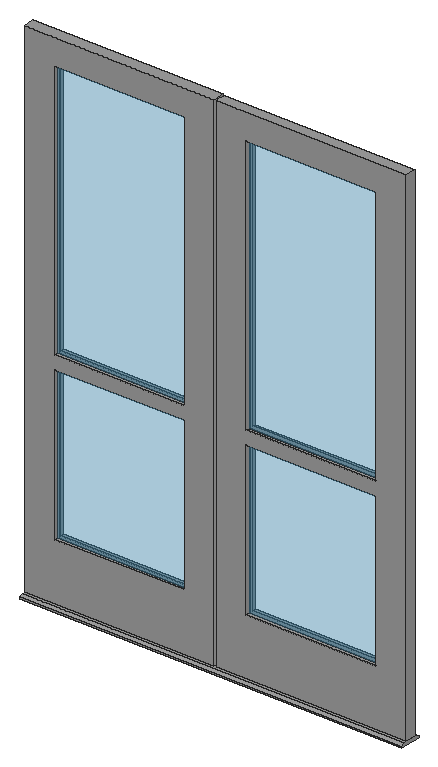
Revit family "RD-WS-DOOR-Double-PD-1-SF_v05", category Curtain Panels, Revit 2015
Parameters
  Width [instance] = 6' - 2"
  URL = "obe.com"
  Rough Width [instance] = 6' - 0"
  Offset [instance] = 0' - 0"
  Model = "RD-WS 1\" Infill"
  Min Panel Width [instance] = if(Rough Width > 5' 11 255/256", Rough Width, 6' 0")  # 6' - 0"
  Mid-Panel [instance] = no
  Manufacturer = "Oldcastle BuildingEnvelope®"
  Keynote = "08 11 00"
  Height [instance] = 8' - 0"
  Pushbar Height [instance] = 3' - 5 1/4"  # constant formula
  Glass Material = Glass
  Frame Material = Aluminum
  Door Panel Height [instance] = Height + 0' 0 1/2"  # 8' - 0 1/2"
  Description = "Rugged Door-Wide Stile 1\" Infill"
  Assembly Code = "B2030"
  Analytic Construction = "<None>"
  8 Muntin [instance] = no
  4 Muntin [instance] = no
  8 Bottom Rail [instance] = no
  10 Bottom Rail [instance] = not([8 Bottom Rail])  # yes
  1 Muntin [instance] = if(or([4 Muntin], [8 Muntin], [Mid-Panel]), 1 = 2, 1 = 1)  # yes
Reference planes (in)
  plane 1 "Front": y = 0
  plane 2: z = 0
  plane 3 "Center (Left/Right)": x = 0
  plane 4 "Left": x = -37
  plane 5 "Right": x = 37
  plane 6 "Top": z = 96
  plane 7: x = -36
  plane 8: x = 36
Text (in)
  text "Exterior" at (-54.29358, 31.38743, 0), in view "Ref. Level"
  text "Exterior" at (480, 41.53993, 89.60405), in view "Right"
  text "Exterior" at (-240, 57.82419, 105.78864), in view "Left"
Dimensions and locks (in)
  equal spacing: plane 4 "Left", plane 3 "Center (Left/Right)", plane 5 "Right"
  "Width": plane 4 "Left" to plane 5 "Right"
  "Height": plane 6 "Top" to plane 2
  equal spacing: plane 7, plane 3 "Center (Left/Right)", plane 8
  "Min Panel Width": plane 7 to plane 8
  aligned and locked: level to plane 2
  aligned and locked: plane 3 "Center (Left/Right)" to nested 1
  aligned and locked: plane 1 "Front" to nested 1
Nested families (in)
  nested 1: "RD-WS-DOOR-Double-PD-1-Panel_v04" at (0, -15, 0), Frame Material <- "Frame Material", Glass Material <- "Glass Material", 4 Muntin <- "4 Muntin", 8 Muntin <- "8 Muntin", 8 Bottom Rail <- "8 Bottom Rail", Height <- "Door Panel Height", Width <- "Min Panel Width", Mid-Panel <- "Mid-Panel", Offset <- "Offset", type "WS-1 DOOR-Double-PD-Plan"
    with Wing Width 3' - 0", built-in parameter 1001301 6' - 0", Pushbar Height 3' - 5 1/4", Offset 0' - 0", Mid-Panel no, built-in parameter 1001300 8' - 0 1/2", Glass at Muntin 0' - 1 9/16", Glass Material Glass, Frame Material Aluminum, Bottom Rail 0' - 10 29/32", 8 Muntin no, 8 Bottom Rail no, 4 Muntin no, 10 Bottom Rail yes, 1 Muntin yes
Definition of nested family "RD-WS-DOOR-Double-PD-1-Panel_v04"
  Parameters (values of type "WS-1 DOOR-Double-PD-Plan")
    Wing Width [instance] = Width / 2  # 3' - 0"
    Width [instance] = 6' - 0"
    Pushbar Height [instance] = 3' - 5 1/4"  # constant formula
    Offset [instance] = 0' - 3"
    Mid-Panel [instance] = no
    Height [instance] = 8' - 0"
    Glass at Muntin [instance] = if([8 Muntin], 0' 8 9/16", if([4 Muntin], 0' 4 9/16", if([Mid-Panel], 0' 8 9/16", 0' 1 9/16")))  # 0' - 1 9/16"
    Glass Material [instance] = none
    Frame Material [instance] = none
    Bottom Rail [instance] = if([10 Bottom Rail], 0' 10 29/32", 0' 8 29/32")  # 0' - 8 29/32"
    Analytic Construction = "<None>"
    8 Muntin [instance] = no
    10 Bottom Rail [instance] = not([8 Bottom Rail])  # no
    4 Muntin [instance] = no
    8 Bottom Rail [instance] = yes
    1 Muntin [instance] = if(or([4 Muntin], [8 Muntin], [Mid-Panel]), 1 = 2, 1 = 1)  # yes
  Reference planes (in)
    plane 1 "00": y = 10.875
    plane 2: z = 0
    plane 3 "Center (Left/Right)": x = 0
    plane 4: z = 96
    plane 5: x = -36
    plane 6: x = 36
    plane 7 "Center (Front/Back)": y = 15
    plane 8 "Exterior": y = 11.375
    plane 9: z = 48
    plane 10: z = 8.90625
    plane 11: z = 42.03125
    plane 12: z = 40.46875
    plane 13: z = 91.032
    plane 14: z = 0
    plane 15: y = 12
    plane 16: z = 41.25
  Forms (in)
    Sweep 1, solid, material <- "Frame Material"
      path origin (0, 10.875, 0) x (1, 0, 0) y (0, 0, 1)
        loop
          line (-35.81193, 96) -> (-0.27391, 96)
      profile origin (-18.04292, 10.875, 96) x (0, 0, 1) y (0, -1, 0)
        loop
          line (-0.5, -1.008) -> (-0.5, 1.008) -> (-2.77731, 1.008) -> (-5.375, 1.008) -> (-5.375, 0.5) -> (-4.968, 0.5) -> (-4.968, -0.5) -> (-5.375, -0.5) -> (-5.375, -1.008) -> (-2.77731, -1.008) -> (-0.5, -1.008)
    Sweep 2, solid, material <- "Frame Material"
      path origin (0, 10.875, 0) x (1, 0, 0) y (0, 0, 1)
        loop
          line (-0.27391, 0) -> (-35.81193, 0)
      profile origin (-18.04292, 10.875, 0) x (0, 0, -1) y (0, -1, 0)
        loop
          line (-4.93343, -1.008) -> (-0.6875, -1.008) -> (-0.6875, 1.008) -> (-4.93343, 1.008) -> (-9.4375, 1.008) -> (-9.4375, 0.5) -> (-8.90625, 0.5) -> (-8.90625, -0.5) -> (-9.4375, -0.5) -> (-9.4375, -1.008) -> (-4.93343, -1.008)
    Sweep 3, solid, material <- "Frame Material"
      path origin (0, 10.875, 0) x (1, 0, 0) y (0, 0, 1)
        loop
          line (36, 95.5) -> (36, 0.6875)
      profile origin (36, 10.875, 48.09375) x (0, -1, 0) y (1, 0, 0)
        loop
          line (-1.008, -0.0625) -> (-1.008, -1.90707) -> (-1.008, -5.81238) -> (-0.5, -5.81238) -> (-0.5, -5.34338) -> (0.5, -5.34338) -> (0.5, -5.81238) -> (1.008, -5.81238) -> (1.008, -1.90707) -> (1.008, -0.18807) -> (-1.008, -0.0625)
    Sweep 4, solid, material <- "Frame Material"
      path origin (0, 10.875, 0) x (1, 0, 0) y (0, 0, 1)
        loop
          line (-36, 95.5) -> (-36, 0.6875)
      profile origin (-36, 10.875, 48.09375) x (0, -1, 0) y (1, 0, 0)
        loop
          line (-1.008, 0.0625) -> (1.008, 0.18807) -> (1.008, 1.90702) -> (1.008, 5.81233) -> (0.5, 5.81233) -> (0.5, 5.34333) -> (-0.5, 5.34333) -> (-0.5, 5.81233) -> (-1.008, 5.81233) -> (-1.008, 1.90702) -> (-1.008, 0.0625)
    Sweep 5, solid, material <- "Frame Material"
      path origin (0, 10.875, 0) x (1, 0, 0) y (0, 0, 1)
        loop
          line (-0.27391, 48) -> (-35.81193, 48)
      profile origin (-18.04292, 10.875, 48) x (0, 0, -1) y (0, -1, 0)
        loop
          line (5.43762, -0.5) -> (5.43762, -1.008) -> (7.93762, -1.008) -> (7.93762, -0.5) -> (7.53125, -0.5) -> (7.53125, 0.5) -> (7.93762, 0.5) -> (7.93762, 1.008) -> (5.43762, 1.008) -> (5.43762, 0.5) -> (5.96875, 0.5) -> (5.96875, -0.5) -> (5.43762, -0.5)
    Sweep 6, solid, material <- "Frame Material"
      path origin (0, 10.875, 0) x (1, 0, 0) y (0, 0, 1)
        loop
          line (0, 95.5) -> (0, 0.6875)
      profile origin (0, 10.875, 48.09375) x (0, -1, 0) y (1, 0, 0)
        loop
          line (-1.008, -0.27391) -> (-1.008, -2.18343) -> (-1.008, -5.8143) -> (-0.5, -5.8143) -> (-0.5, -5.3453) -> (0.5, -5.3453) -> (0.5, -5.8143) -> (1.008, -5.8143) -> (1.008, -2.18343) -> (1.008, -0.27391)
          arc (1.008, -0.27391) -> (0, -0.0625) -> (-1.008, -0.27391) r 2.50872
        loop
          arc (-1.008, 0.27391) -> (0, 0.0625) -> (1.008, 0.27391) r 2.50872
          line (1.008, 0.27391) -> (1.008, 2.18343) -> (1.008, 5.8125) -> (0.5, 5.8125) -> (0.5, 5.3435) -> (0.252, 5.3435) -> (-0.5, 5.3435) -> (-0.5, 5.8125) -> (-1.008, 5.8125) -> (-1.008, 2.18343) -> (-1.008, 0.27391)
    Sweep 7, solid, material <- "Frame Material"
      path origin (0, 10.875, 0) x (1, 0, 0) y (0, 0, 1)
        loop
          line (0.27391, 96) -> (35.81193, 96)
      profile origin (18.04292, 10.875, 96) x (0, 0, 1) y (0, -1, 0)
        loop
          line (-0.5, -1.008) -> (-0.5, 1.008) -> (-3.74518, 1.008) -> (-5.37412, 1.008) -> (-5.37412, 0.5) -> (-4.968, 0.5) -> (-4.968, -0.5) -> (-5.37412, -0.5) -> (-5.37412, -1.008) -> (-3.74518, -1.008) -> (-0.5, -1.008)
    Sweep 8, solid, material <- "Frame Material"
      path origin (0, 10.875, 0) x (1, 0, 0) y (0, 0, 1)
        loop
          line (35.81193, 48) -> (0.27391, 48)
      profile origin (18.04292, 10.875, 48) x (0, 0, -1) y (0, -1, 0)
        loop
          line (5.43762, -0.5) -> (5.43762, -1.008) -> (7.93762, -1.008) -> (7.93762, -0.5) -> (7.53125, -0.5) -> (7.53125, 0.5) -> (7.93762, 0.5) -> (7.93762, 1.008) -> (5.43762, 1.008) -> (5.43762, 0.5) -> (5.96875, 0.5) -> (5.96875, -0.5) -> (5.43762, -0.5)
    Sweep 9, solid, material <- "Frame Material"
      path origin (0, 10.875, 0) x (1, 0, 0) y (0, 0, 1)
        loop
          line (35.81193, 0) -> (0.27391, 0)
      profile origin (18.04292, 10.875, 0) x (0, 0, -1) y (0, -1, 0)
        loop
          line (-3.49593, -1.008) -> (-0.6875, -1.008) -> (-0.6875, 1.008) -> (-3.49593, 1.008) -> (-9.4375, 1.008) -> (-9.4375, 0.5) -> (-8.90625, 0.5) -> (-8.90625, -0.5) -> (-9.4375, -0.5) -> (-9.4375, -1.008) -> (-3.49593, -1.008)
    Extrusion 10, solid, material <- "Glass Material", detail levels coarse
      sketch origin (0, 0, 0) x (1, 0, 0) y (0, 1, 0)
        loop
          line (5.3435, 11.375) -> (5.3435, 10.375) -> (30.65662, 10.375) -> (30.65662, 11.375) -> (5.3435, 11.375)
      from 40.46875 to 8.90625
    Extrusion 11, solid, material <- "Glass Material", detail levels medium+fine
      sketch origin (0, 0, 0) x (1, 0, 0) y (0, 1, 0)
        loop
          line (5.3435, 10.375) -> (30.65662, 10.375) -> (30.65662, 10.623) -> (5.3435, 10.623) -> (5.3435, 10.375)
        loop
          line (30.65662, 11.375) -> (5.3435, 11.375) -> (5.3435, 11.127) -> (30.65662, 11.127) -> (30.65662, 11.375)
      from 8.90625 to 40.46875
    Extrusion 12, solid, material <- "Glass Material", detail levels medium+fine
      sketch origin (0, 0, 0) x (1, 0, 0) y (0, 1, 0)
        loop
          line (5.3435, 11.375) -> (5.3435, 11.127) -> (30.65662, 11.127) -> (30.65662, 11.375) -> (5.3435, 11.375)
        loop
          line (30.65662, 10.375) -> (30.65662, 10.623) -> (5.3435, 10.623) -> (5.3435, 10.375) -> (30.65662, 10.375)
      from 42.03125 to 91.032
    Extrusion 13, solid, material <- "Glass Material", detail levels coarse
      sketch origin (0, 0, 0) x (1, 0, 0) y (0, 1, 0)
        loop
          line (5.3435, 11.375) -> (5.3435, 10.375) -> (30.65662, 10.375) -> (30.65662, 11.375) -> (5.3435, 11.375)
      from 42.03125 to 91.032
    Extrusion 14, solid, material <- "Glass Material", detail levels medium+fine
      sketch origin (0, 0, 0) x (1, 0, 0) y (0, 1, 0)
        loop
          line (-30.65667, 10.375) -> (-5.3453, 10.375) -> (-5.3453, 10.623) -> (-30.65667, 10.623) -> (-30.65667, 10.375)
        loop
          line (-5.3453, 11.375) -> (-30.65667, 11.375) -> (-30.65667, 11.127) -> (-5.3453, 11.127) -> (-5.3453, 11.375)
      from 8.90625 to 40.46875
    Extrusion 15, solid, material <- "Glass Material", detail levels coarse
      sketch origin (0, 0, 0) x (1, 0, 0) y (0, 1, 0)
        loop
          line (-30.65667, 11.375) -> (-30.65667, 10.375) -> (-5.3453, 10.375) -> (-5.3453, 11.375) -> (-30.65667, 11.375)
      from 42.03125 to 91.032
    Extrusion 16, solid, material <- "Glass Material", detail levels coarse
      sketch origin (0, 0, 0) x (1, 0, 0) y (0, 1, 0)
        loop
          line (-30.65667, 11.375) -> (-30.65667, 10.375) -> (-5.3453, 10.375) -> (-5.3453, 11.375) -> (-30.65667, 11.375)
      from 8.90625 to 40.46875
    Extrusion 17, solid, material <- "Glass Material", detail levels medium+fine
      sketch origin (0, 0, 0) x (1, 0, 0) y (0, 1, 0)
        loop
          line (-30.65667, 11.375) -> (-30.65667, 11.127) -> (-5.3453, 11.127) -> (-5.3453, 11.375) -> (-30.65667, 11.375)
        loop
          line (-30.65667, 10.623) -> (-30.65667, 10.375) -> (-5.3453, 10.375) -> (-5.3453, 10.623) -> (-30.65667, 10.623)
      from 42.03125 to 91.032
    Sweep 18, solid, material <- "Frame Material"
      path origin (0, 10.875, 0) x (1, 0, 0) y (0, 0, 1)
        loop
          line (35.81193, 0) -> (-35.81193, 0)
      profile origin (0, 10.875, 0) x (0, 0, -1) y (0, -1, 0)
        loop
          line (-0.5, 1.398) -> (-0.5, -1.288) -> (-0.19364, -1.945) -> (0, -1.945) -> (0, 2.055) -> (-0.19364, 2.055) -> (-0.5, 1.398)
  Cuts and joins
    joined: Sweep 1, Sweep 2, Sweep 3, Sweep 4, Sweep 5, Sweep 6, Sweep 7, Sweep 8, Sweep 9
  Lines and regions (in)
    model lines
      curve 1: line (-5.8143, 11.375, 90.75075) -> (-30.18767, 11.375, 48)
      curve 2: line (-30.18767, 11.375, 48) -> (-5.8143, 11.375, 9.1875)
      curve 3: line (5.8143, 11.375, 90.75075) -> (30.18767, 11.375, 48)
      curve 4: line (30.18767, 11.375, 48) -> (5.8143, 11.375, 9.1875)
  Dimensions and locks (in)
    "Height": plane 4 to level
    equal spacing: plane 5, plane 3 "Center (Left/Right)", plane 6
    "Width": plane 5 to plane 6
    "Offset": plane 15 to plane 7 "Center (Front/Back)"
    plane 1 "00" to plane 8 "Exterior" to plane 15 = 0' - 0 1/2" locked, 0' - 0 5/8" locked
    equal spacing: level, plane 9, plane 4
    locked: plane 3 "Center (Left/Right)" to Sweep 2 sketch curve at 0.27391
    locked: Sweep 3 sketch curve to plane 4 at 0.5
    locked: Sweep 4 sketch curve to plane 4 at 0.5
    locked: plane 3 "Center (Left/Right)" to Sweep 1 sketch curve at 0.27391
    locked: plane 3 "Center (Left/Right)" to Sweep 5 sketch curve at 0.27391
    locked: Sweep 7 sketch curve to plane 3 "Center (Left/Right)" at 0.27391
    locked: Sweep 8 sketch curve to plane 3 "Center (Left/Right)" at 0.27391
    locked: Sweep 9 sketch curve to plane 3 "Center (Left/Right)" at 0.27391
    locked: Sweep 6 sketch curve to plane 4 at 0.5
    "Glass at Muntin": plane 11 to plane 12
    locked: plane 12 to Sweep 8 sketch curve at 0.40638  (x2)
    locked: Sweep 8 sketch curve to plane 11 at 0.53112  (x2)
    "Bottom Rail": plane 10 to plane 2
    locked: Sweep 9 sketch curve to plane 10 at 0.53125  (x2)
    Extrusion 17 to plane 1 "00" = 0' - 0.252"
    locked: Sweep 2 sketch curve to plane 10 at 0.53125  (x2)
    locked: Sweep 5 sketch curve to plane 11 at 0.53113  (x2)
    locked: plane 12 to Sweep 5 sketch curve at 0.40638  (x2)
    equal spacing: plane 4, plane 9, plane 14
    locked: plane 13 to Sweep 7 sketch curve at 0.40612  (x2)
    Extrusion 12 sketch curve to Extrusion 12 sketch curve to plane 1 "00" to Extrusion 12 sketch curve to Extrusion 12 sketch curve = 0' - 0.248" locked, 0' - 0.252" locked, 0' - 0.252" locked, 0' - 0.248" locked
    Extrusion 13 sketch curve to plane 1 "00" to Extrusion 13 sketch curve = 0' - 0 1/2" locked, 0' - 0 1/2" locked
    Extrusion 11 sketch curve to Extrusion 11 sketch curve to plane 1 "00" to Extrusion 11 sketch curve to Extrusion 11 sketch curve = 0' - 0.248" locked, 0' - 0.252" locked, 0' - 0.252" locked, 0' - 0.248" locked
    Extrusion 10 sketch curve to plane 1 "00" to Extrusion 10 sketch curve = 0' - 0 1/2" locked, 0' - 0 1/2" locked
    Extrusion 17 sketch curve to Extrusion 17 sketch curve to plane 1 "00" to Extrusion 17 sketch curve to Extrusion 17 sketch curve = 0' - 0.248" locked, 0' - 0.252" locked, 0' - 0.252" locked, 0' - 0.248" locked
    cut or joined group of Sweep 1, Sweep 2, Sweep 3, Sweep 4, Sweep 5, Sweep 6, Sweep 7, Sweep 8, Sweep 9 to plane 1 "00" to Extrusion 15 sketch curve = 0' - 1.008", 0' - 0 1/2" locked
    Extrusion 16 sketch curve to plane 1 "00" to Extrusion 16 sketch curve = 0' - 0 1/2" locked, 0' - 0 1/2" locked
    Extrusion 14 sketch curve to Extrusion 14 sketch curve to plane 1 "00" to Extrusion 14 sketch curve to Extrusion 14 sketch curve = 0' - 0.248" locked, 0' - 0.252" locked, 0' - 0.252" locked, 0' - 0.248" locked
    locked: plane 4 to plane 13 at 4.968
    locked: Extrusion 17 sketch curve to plane 3 "Center (Left/Right)" at 5.3453  (x2)
    locked: plane 5 to Extrusion 17 sketch curve at 5.34333  (x2)
    locked: Extrusion 16 sketch curve to plane 3 "Center (Left/Right)" at 5.3453
    locked: plane 5 to Extrusion 16 sketch curve at 5.34333
    locked: Extrusion 15 sketch curve to plane 3 "Center (Left/Right)" at 5.3453
    locked: plane 5 to Extrusion 15 sketch curve at 5.34333
    locked: Extrusion 14 sketch curve to plane 3 "Center (Left/Right)" at 5.3453  (x2)
    locked: plane 5 to Extrusion 14 sketch curve at 5.34333  (x2)
    locked: Extrusion 13 sketch curve to plane 6 at 5.34338
    locked: plane 3 "Center (Left/Right)" to Extrusion 13 sketch curve at 5.3435
    locked: Extrusion 10 sketch curve to plane 6 at 5.34338
    locked: plane 3 "Center (Left/Right)" to Extrusion 10 sketch curve at 5.3435
    locked: Extrusion 12 sketch curve to plane 6 at 5.34338  (x2)
    locked: plane 3 "Center (Left/Right)" to Extrusion 12 sketch curve at 5.3435  (x2)
    locked: Extrusion 11 sketch curve to plane 6 at 5.34338  (x2)
    locked: plane 3 "Center (Left/Right)" to Extrusion 11 sketch curve at 5.3435  (x2)
    locked: Sweep 1 sketch curve to plane 5 at 0.18807
    locked: plane 6 to Sweep 7 sketch curve at 0.18807
    locked: Sweep 5 sketch curve to plane 5 at 0.18807
    locked: plane 6 to Sweep 8 sketch curve at 0.18807
    locked: plane 6 to Sweep 9 sketch curve at 0.18807
    equal spacing: plane 11, plane 16, plane 12
    "Pushbar Height": plane 16 to plane 14
    locked: Sweep 18 sketch curve to plane 5 at 0.18807
    locked: plane 6 to Sweep 18 sketch curve at 0.18807
    locked: plane 14 to Sweep 3 sketch curve at 0.6875
    locked: plane 14 to Sweep 6 sketch curve at 0.6875
    locked: plane 14 to Sweep 4 sketch curve at 0.6875
    locked: Sweep 2 sketch curve to plane 5 at 0.18807
    aligned and locked: plane 2 to level
    aligned and locked: Sweep 1 sketch curve to plane 4
    aligned and locked: Sweep 2 sketch curve to level
    aligned and locked: level to nested 1
    aligned and locked: nested 1 to plane 1 "00"
    aligned and locked: Sweep 5 sketch curve to plane 9
    aligned and locked: plane 3 "Center (Left/Right)" to Sweep 6 sketch curve
    aligned and locked: Sweep 9 sketch curve to level
    aligned and locked: Sweep 8 sketch curve to plane 9
    aligned and locked: plane 4 to Sweep 7 sketch curve
    aligned and locked: Sweep 8 sketch curve to plane 11
    aligned and locked: plane 12 to Sweep 8 sketch curve
    aligned and locked: plane 10 to cut or joined group of Sweep 1, Sweep 2, Sweep 3, Sweep 4, Sweep 5, Sweep 6, Sweep 7, Sweep 8, Sweep 9
    aligned and locked: Extrusion 15 to plane 11
    aligned and locked: plane 13 to Extrusion 15
    aligned and locked: Extrusion 17 to plane 11
    aligned and locked: plane 13 to Extrusion 17
    aligned and locked: Extrusion 16 to plane 10
    aligned and locked: plane 12 to Extrusion 16
    aligned and locked: cut or joined group of Sweep 1, Sweep 2, Sweep 3, Sweep 4, Sweep 5, Sweep 6, Sweep 7, Sweep 8, Sweep 9 to plane 12
    aligned and locked: Extrusion 12 to plane 11
    aligned and locked: plane 11 to cut or joined group of Sweep 1, Sweep 2, Sweep 3, Sweep 4, Sweep 5, Sweep 6, Sweep 7, Sweep 8, Sweep 9
    aligned and locked: cut or joined group of Sweep 1, Sweep 2, Sweep 3, Sweep 4, Sweep 5, Sweep 6, Sweep 7, Sweep 8, Sweep 9 to plane 13
    aligned and locked: plane 13 to Extrusion 12
    aligned and locked: plane 13 to Extrusion 13
    aligned and locked: Extrusion 13 to plane 11
    aligned and locked: plane 12 to Extrusion 10
    aligned and locked: Extrusion 10 to plane 10
    aligned and locked: Sweep 7 sketch curve to plane 13
    aligned and locked: curve 1 to cut or joined group of Sweep 1, Sweep 2, Sweep 3, Sweep 4, Sweep 5, Sweep 6, Sweep 7, Sweep 8, Sweep 9
    aligned and locked: cut or joined group of Sweep 1, Sweep 2, Sweep 3, Sweep 4, Sweep 5, Sweep 6, Sweep 7, Sweep 8, Sweep 9 to curve 2
    aligned and locked: nested 2 to plane 3 "Center (Left/Right)"
    aligned and locked: Sweep 18 sketch curve to plane 14
    aligned and locked: plane 1 "00" to nested 2
    aligned and locked: Sweep 3 sketch curve to plane 6
    aligned and locked: plane 5 to Sweep 4 sketch curve
    aligned and locked: plane 9 to curve 1
  Automatic sketch dimensions
    Sweep 8 sketch curve to plane 1 "00" = 0' - 1.008"
    Sweep 8 sketch curve to plane 1 "00" = 0' - 0 1/2"  (x2)
    plane 1 "00" to Sweep 8 sketch curve = 0' - 0 1/2"  (x2)
    Sweep 8 sketch curve to Sweep 8 sketch curve = 0' - 0.508"
    Sweep 4 sketch curve to plane 1 "00" = 0' - 1.008"
    Sweep 4 sketch curve to plane 1 "00" = 0' - 0 1/2"
    plane 1 "00" to Sweep 4 sketch curve = 0' - 0 1/2"
    Sweep 4 sketch curve to Sweep 4 sketch curve = 0' - 0.508"
    Sweep 4 sketch curve to profile plane = 0' - 0 1/16"
    Sweep 4 sketch curve to profile plane = 0' - 0.18807"
    Sweep 4 sketch curve to profile plane = 0' - 1.90702"  (x2)
    Sweep 4 sketch curve to Sweep 4 sketch curve = 0' - 3.43631"
    Sweep 4 sketch curve to Sweep 4 sketch curve = 0' - 0.469"  (x2)
    plane 1 "00" to Sweep 6 sketch curve = 0' - 0"  (x2)
    Sweep 6 sketch curve to plane 1 "00" = 0' - 0 1/2"  (x2)
    Sweep 6 sketch curve to Sweep 6 sketch curve = 0' - 0.508"  (x2)
    Sweep 6 sketch curve to profile plane = 0' - 0.27391"
    Sweep 6 sketch curve to Sweep 6 sketch curve = 0' - 0"
    plane 1 "00" to Sweep 6 sketch curve = 0' - 0.252"
    plane 1 "00" to Sweep 6 sketch curve = 0' - 0 1/2"
    Sweep 6 sketch curve to Sweep 6 sketch curve = 0' - 0.248"
    plane 1 "00" to Sweep 6 sketch curve = 0' - 1.008"
    profile plane to Sweep 6 sketch curve = 0' - 0.27391"
    Sweep 6 sketch curve to Sweep 6 sketch curve = 0' - 1.90952"  (x4)
    Sweep 6 sketch curve to Sweep 6 sketch curve = 0' - 0.38779"  (x2)
    Sweep 6 sketch curve to Sweep 6 sketch curve = 0' - 2.77408"
    Sweep 6 sketch curve to Sweep 6 sketch curve = 0' - 0.469"  (x4)
    Sweep 6 sketch curve to Sweep 6 sketch curve = 0' - 2.77228"
    Sweep 3 sketch curve to plane 1 "00" = 0' - 1.008"
    profile plane to Sweep 3 sketch curve = 0' - 0 1/16"
    Sweep 3 sketch curve to plane 1 "00" = 0' - 0 1/2"
    plane 1 "00" to Sweep 3 sketch curve = 0' - 0 1/2"
    plane 1 "00" to Sweep 3 sketch curve = 0' - 1.008"
    profile plane to Sweep 3 sketch curve = 0' - 0.18807"
    profile plane to Sweep 3 sketch curve = 0' - 1.90707"  (x2)
    Sweep 3 sketch curve to Sweep 3 sketch curve = 0' - 3.43631"
    Sweep 3 sketch curve to Sweep 3 sketch curve = 0' - 0.469"  (x2)
    plane 1 "00" to Sweep 18 sketch curve = 0' - 1.398"
    profile plane to Sweep 18 sketch curve = 0' - 0.19364"  (x2)
    Sweep 18 sketch curve to Sweep 18 sketch curve = 0' - 0.657"  (x2)
    profile plane to Sweep 18 sketch curve = 0' - 0"
    Sweep 18 sketch curve to plane 1 "00" = 0' - 1.945"
    profile plane to Sweep 18 sketch curve = 0' - 0 1/2"
    plane 1 "00" to Extrusion 15 sketch curve = 0' - 0 1/2"
    Sweep 1 sketch curve to plane 1 "00" = 0' - 0 1/2"
    profile plane to Sweep 1 sketch curve = 0' - 5 3/8"
    Sweep 1 sketch curve to Sweep 1 sketch curve = 0' - 0"  (x2)
    Sweep 1 sketch curve to Sweep 1 sketch curve = 0' - 0.407"
    Sweep 1 sketch curve to plane 1 "00" = 0' - 1.008"
    Sweep 1 sketch curve to Sweep 1 sketch curve = 0' - 2.19069"
    profile plane to Sweep 1 sketch curve = 0' - 0 1/2"
    plane 1 "00" to Sweep 1 sketch curve = 0' - 0 1/2"
    plane 1 "00" to Sweep 1 sketch curve = 0' - 1.008"
    Sweep 2 sketch curve to Sweep 2 sketch curve = 0' - 0 17/32"
    plane 1 "00" to Sweep 2 sketch curve = 0' - 1.008"
    Sweep 2 sketch curve to Sweep 2 sketch curve = 0' - 3.97282"
    Sweep 2 sketch curve to plane 1 "00" = 0' - 1.008"
    Sweep 2 sketch curve to Sweep 2 sketch curve = 0' - 0"
    profile plane to Sweep 2 sketch curve = 0' - 0 11/16"
    Sweep 2 sketch curve to plane 1 "00" = 0' - 0 1/2"
    plane 1 "00" to Sweep 2 sketch curve = 0' - 0 1/2"
    Sweep 5 sketch curve to Sweep 5 sketch curve = 0' - 0.53113"
    Sweep 5 sketch curve to Sweep 5 sketch curve = 0' - 0.40638"
    Sweep 5 sketch curve to plane 1 "00" = 0' - 1.008"
    Sweep 5 sketch curve to plane 1 "00" = 0' - 0 1/2"  (x2)
    plane 1 "00" to Sweep 5 sketch curve = 0' - 0 1/2"  (x2)
    Sweep 5 sketch curve to Sweep 5 sketch curve = 0' - 0.508"
    Sweep 7 sketch curve to Sweep 7 sketch curve = 0' - 1.22282"  (x2)
    profile plane to Sweep 7 sketch curve = 0' - 0 1/2"
    Sweep 7 sketch curve to plane 1 "00" = 0' - 1.008"
    Sweep 7 sketch curve to plane 1 "00" = 0' - 0 1/2"
    plane 1 "00" to Sweep 7 sketch curve = 0' - 0 1/2"
    plane 1 "00" to Sweep 7 sketch curve = 0' - 1.008"
    Sweep 9 sketch curve to Sweep 9 sketch curve = 0' - 0 17/32"
    plane 1 "00" to Sweep 9 sketch curve = 0' - 1.008"
    profile plane to Sweep 9 sketch curve = 0' - 3.49593"
    Sweep 9 sketch curve to plane 1 "00" = 0' - 1.008"
    Sweep 9 sketch curve to Sweep 9 sketch curve = 0' - 0"
    profile plane to Sweep 9 sketch curve = 0' - 0 11/16"
    Sweep 9 sketch curve to plane 1 "00" = 0' - 0 1/2"
    plane 1 "00" to Sweep 9 sketch curve = 0' - 0 1/2"
    curve 4 to plane 9 = 0' - 0"
    plane 5 to curve 2 = 0' - 5.81233"
    curve 4 to plane 6 = 0' - 5.81233"
    plane 10 to curve 4 = 0' - 0 9/32"
    plane 3 "Center (Left/Right)" to curve 4 = 0' - 5.8143"
    curve 3 to plane 13 = 0' - 0 9/32"
    plane 3 "Center (Left/Right)" to curve 3 = 0' - 5.8143"
    plane 10 to curve 2 = 0' - 0 9/32"
    curve 1 to plane 13 = 0' - 0 9/32"
  Nested families (in)
    nested 1: "RD-WS-DOOR-Double-PD-1-Section_v02" at (0, 10.875, 0) x (0, -1, 0) z (1, 0, 0), Height <- "Height", 4 Muntin <- "4 Muntin", 8 Muntin <- "8 Muntin", 8 Bottom Rail <- "8 Bottom Rail", Mid-Panel <- "Mid-Panel", type "WS-1 DOOR-Section"
      with Pushbar Height 3' - 5 1/4", Mid-Panel no, Height 8' - 0", Glass at Muntins 0' - 1 9/16", Bottom Rail 0' - 8 29/32", 8 Muntin no, 8 Bottom Rail yes, 4 Muntin no, 10 Bottom Rail no, 1 Muntin yes
    nested 2: "RD-WS-DOOR-Double-PD-1-Plan View_v02" at (-24, 10.875, 0), Wing Width <- "Wing Width", Width <- "Width", type "RD-WS-DOOR-Double-PD-1-Plan View"
      with Wing Width 3' - 0", Width 6' - 0"
  Definition of nested family "RD-WS-DOOR-Double-PD-1-Section_v02"
    Parameters (values of type "WS-1 DOOR-Section")
      Pushbar Height [instance] = 3' - 5 1/4"  # constant formula
      Mid-Panel [instance] = no
      Height [instance] = 7' - 0"
      Glass at Muntins [instance] = if([8 Muntin], 0' 8 9/16", if([4 Muntin], 0' 4 9/16", if([Mid-Panel], 0' 8 9/16", 0' 1 9/16")))  # 0' - 1 9/16"
      Bottom Rail [instance] = if([10 Bottom Rail], 0' 10 29/32", 0' 8 29/32")  # 0' - 8 29/32"
      8 Muntin [instance] = no
      8 Bottom Rail [instance] = yes
      4 Muntin [instance] = no
      10 Bottom Rail [instance] = not([8 Bottom Rail])  # no
      1 Muntin [instance] = if(or([4 Muntin], [8 Muntin], [Mid-Panel]), 1 = 2, 1 = 1)  # yes
    Reference planes (in)
      plane 1 "Center (Front/Back)": y = 0
      plane 2: z = 0
      plane 3 "Center (Left/Right)": x = 0
      plane 4: y = 79.032
      plane 5: y = 42.03125
      plane 6: y = 40.46875
      plane 7: y = 42.56225
      plane 8: y = 84
      plane 9: y = 8.90625
      plane 10: y = 41.25
    Lines and regions (in)
      detail lines, in view "Ref. Level"
        curve 1: line (-0.5, 40.46875, 0) -> (-0.5, 8.90625, 0)
        curve 10: line (0.5, 40.46875, 0) -> (0.5, 8.90625, 0)
        curve 11: line (-0.5, 79.032, 0) -> (-0.5, 42.03125, 0)
        curve 20: line (0.5, 79.032, 0) -> (0.5, 42.03125, 0)
      detail lines, in view "Ref. Level", detail levels fine
        curve 2: line (-0.438, 40.46875, 0) -> (-0.438, 8.90625, 0)
        curve 3: line (-0.376, 40.46875, 0) -> (-0.376, 8.90625, 0)
        curve 4: line (-0.314, 40.46875, 0) -> (-0.314, 8.90625, 0)
        curve 7: line (0.314, 40.46875, 0) -> (0.314, 8.90625, 0)
        curve 8: line (0.376, 40.46875, 0) -> (0.376, 8.90625, 0)
        curve 9: line (0.438, 40.46875, 0) -> (0.438, 8.90625, 0)
        curve 12: line (-0.438, 79.032, 0) -> (-0.438, 42.03125, 0)
        curve 13: line (-0.376, 79.032, 0) -> (-0.376, 42.03125, 0)
        curve 14: line (-0.314, 79.032, 0) -> (-0.314, 42.03125, 0)
        curve 17: line (0.314, 79.032, 0) -> (0.314, 42.03125, 0)
        curve 18: line (0.376, 79.032, 0) -> (0.376, 42.03125, 0)
        curve 19: line (0.438, 79.032, 0) -> (0.438, 42.03125, 0)
      detail lines, in view "Ref. Level", detail levels medium+fine
        curve 5: line (-0.252, 40.46875, 0) -> (-0.252, 8.90625, 0)
        curve 6: line (0.252, 40.46875, 0) -> (0.252, 8.90625, 0)
        curve 15: line (-0.252, 79.032, 0) -> (-0.252, 42.03125, 0)
        curve 16: line (0.252, 79.032, 0) -> (0.252, 42.03125, 0)
    Dimensions and locks (in)
      locked: plane 5 to plane 7 at 0.531
      "Bottom Rail": plane 1 "Center (Front/Back)" to plane 9
      "Height": plane 1 "Center (Front/Back)" to plane 8
      "Glass at Muntins": plane 6 to plane 5
      nested 1 to plane 8 to plane 4 = 0' - 1 3/4" locked, 0' - 4.968" locked
      equal spacing: plane 6, plane 10, plane 5
      "Pushbar Height": plane 1 "Center (Front/Back)" to plane 10
      aligned and locked: plane 3 "Center (Left/Right)" to nested 1
      aligned and locked: plane 3 "Center (Left/Right)" to nested 2
      aligned and locked: plane 3 "Center (Left/Right)" to nested 3
      aligned and locked: plane 3 "Center (Left/Right)" to nested 4
      aligned and locked: plane 3 "Center (Left/Right)" to nested 5
      aligned and locked: plane 3 "Center (Left/Right)" to nested 6
      aligned and locked: plane 6 to curve 1
      aligned and locked: plane 6 to curve 2
      aligned and locked: plane 6 to curve 3
      aligned and locked: plane 6 to curve 4
      aligned and locked: plane 6 to curve 5
      aligned and locked: plane 6 to curve 10
      aligned and locked: plane 6 to curve 8
      aligned and locked: plane 6 to curve 9
      aligned and locked: plane 6 to curve 7
      aligned and locked: plane 6 to curve 6
      aligned and locked: plane 5 to curve 11
      aligned and locked: plane 5 to curve 12
      aligned and locked: plane 5 to curve 13
      aligned and locked: plane 5 to curve 14
      aligned and locked: plane 5 to curve 15
      aligned and locked: plane 5 to curve 16
      aligned and locked: plane 5 to curve 17
      aligned and locked: plane 5 to curve 18
      aligned and locked: plane 5 to curve 19
      aligned and locked: plane 5 to curve 20
      aligned and locked: plane 4 to curve 11
      aligned and locked: plane 4 to curve 12
      aligned and locked: plane 4 to curve 13
      aligned and locked: plane 4 to curve 14
      aligned and locked: plane 4 to curve 15
      aligned and locked: plane 4 to curve 16
      aligned and locked: plane 4 to curve 17
      aligned and locked: plane 4 to curve 18
      aligned and locked: plane 4 to curve 19
      aligned and locked: plane 4 to curve 20
      aligned and locked: plane 9 to curve 1
      aligned and locked: plane 9 to curve 2
      aligned and locked: plane 9 to curve 3
      aligned and locked: plane 9 to curve 4
      aligned and locked: plane 9 to curve 5
      aligned and locked: plane 9 to curve 6
      aligned and locked: plane 9 to curve 7
      aligned and locked: plane 9 to curve 8
      aligned and locked: plane 9 to curve 9
      aligned and locked: plane 9 to curve 10
      aligned and locked: plane 7 to nested 6
      aligned and locked: nested 6 to plane 7
      aligned and locked: plane 7 to nested 5
      aligned and locked: plane 7 to nested 4
      aligned and locked: plane 7 to nested 7
      aligned and locked: plane 3 "Center (Left/Right)" to nested 7
    Automatic sketch dimensions
      curve 1 to plane 3 "Center (Left/Right)" = 0' - 0 1/2"
      curve 11 to plane 3 "Center (Left/Right)" = 0' - 0 1/2"
      curve 1 to curve 2 = 0' - 0.062"
      curve 11 to curve 12 = 0' - 0.062"
      curve 2 to curve 3 = 0' - 0.062"
      curve 12 to curve 13 = 0' - 0.062"
      curve 13 to curve 14 = 0' - 0.062"
      curve 3 to curve 4 = 0' - 0.062"
      curve 4 to curve 5 = 0' - 0.062"
      curve 14 to curve 15 = 0' - 0.062"
      plane 3 "Center (Left/Right)" to curve 16 = 0' - 0.252"
      plane 3 "Center (Left/Right)" to curve 6 = 0' - 0.252"
      curve 6 to curve 7 = 0' - 0.062"
      curve 16 to curve 17 = 0' - 0.062"
      curve 17 to curve 18 = 0' - 0.062"
      curve 7 to curve 8 = 0' - 0.062"
      curve 8 to curve 9 = 0' - 0.062"
      curve 18 to curve 19 = 0' - 0.062"
      curve 9 to curve 10 = 0' - 0.062"
      curve 19 to curve 20 = 0' - 0.062"
    Nested families (in)
      nested 1: "TOP RAIL-DI" at (0, 85.75, 0), type "TOP RAIL-DI", in view "Ref. Level"
      nested 2: "8 BOTTOM RAIL-DI" at (0, 9.4375, 0), visible <- "8 Bottom Rail", type "8 BOTTOM RAIL-DI", in view "Ref. Level"
      nested 3: "10 BOTTOM RAIL-DI" at (0, 11.4375, 0), visible <- "10 Bottom Rail", type "10 BOT RAIL-DI", in view "Ref. Level"
      nested 4: "1 MUNTIN-DI" at (0, 42.56225, 0), visible <- "1 Muntin", type "1 MUNTIN-DI", in view "Ref. Level"
      nested 5: "4 MUNTIN-DI" at (0, 42.56225, 0), visible <- "4 Muntin", type "4 MUNTIN-DI", in view "Ref. Level"
      nested 6: "8 MUNTIN-DI" at (0, 42.56225, 0), visible <- "8 Muntin", type "8 MUNTIN-DI", in view "Ref. Level"
      nested 7: "8 MID PANEL-DI" at (0, 42.56225, 0), visible <- "Mid-Panel", type "8 MID PANEL-DI", in view "Ref. Level"
    Definition of nested family "TOP RAIL-DI"
      Reference planes (in)
        plane 1 "Center (Front/Back)": y = 0
        plane 2: z = 0
        plane 3 "Center (Left/Right)": x = 0
      Lines and regions (in)
        detail lines, in view "Ref. Level"
          curve 1: line (-1.008, -2.375, 0) -> (-1.008, -7.125, 0)
          curve 2: line (-1.008, -7.125, 0) -> (-0.5, -7.125, 0)
          curve 3: line (-0.5, -7.125, 0) -> (-0.5, -6.718, 0)
          curve 4: line (-0.5, -6.718, 0) -> (0.5, -6.718, 0)
          curve 5: line (0.5, -6.718, 0) -> (0.5, -7.125, 0)
          curve 6: line (0.5, -7.125, 0) -> (1.008, -7.125, 0)
          curve 7: line (1.008, -7.125, 0) -> (1.008, -2.375, 0)
          curve 8: line (1.008, -2.375, 0) -> (-1.008, -2.375, 0)
    Definition of nested family "8 BOTTOM RAIL-DI"
      Reference planes (in)
        plane 1 "Center (Front/Back)": y = 0
        plane 2: z = 0
        plane 3 "Center (Left/Right)": x = 0
      Lines and regions (in)
        detail lines, in view "Ref. Level"
          curve 1: line (0.5, -0.531, 0) -> (-0.5, -0.531, 0)
          curve 2: line (-0.5, -0.531, 0) -> (-0.5, 0, 0)
          curve 3: line (-0.5, 0, 0) -> (-1.008, 0, 0)
          curve 4: line (-1.008, 0, 0) -> (-1.008, -8.9375, 0)
          curve 5: line (-1.008, -8.9375, 0) -> (-1.288, -8.9375, 0)
          curve 6: line (-1.288, -8.9375, 0) -> (-1.945, -9.24386, 0)
          curve 7: line (-1.945, -9.24386, 0) -> (-1.945, -9.43749, 0)
          curve 8: line (-1.945, -9.43749, 0) -> (2.055, -9.43749, 0)
          curve 9: line (2.055, -9.43749, 0) -> (2.055, -9.24386, 0)
          curve 10: line (2.055, -9.24386, 0) -> (1.398, -8.9375, 0)
          curve 11: line (1.398, -8.9375, 0) -> (1.008, -8.9375, 0)
          curve 12: line (1.008, -8.9375, 0) -> (1.008, 0, 0)
          curve 13: line (1.008, 0, 0) -> (0.5, 0, 0)
          curve 14: line (0.5, 0, 0) -> (0.5, -0.531, 0)
    Definition of nested family "10 BOTTOM RAIL-DI"
      Reference planes (in)
        plane 1 "Center (Front/Back)": y = 0
        plane 2: z = 0
        plane 3 "Center (Left/Right)": x = 0
      Lines and regions (in)
        detail lines, in view "Ref. Level"
          curve 1: line (1.008, 0, 0) -> (0.5, 0, 0)
          curve 2: line (0.5, 0, 0) -> (0.5, -0.531, 0)
          curve 3: line (0.5, -0.531, 0) -> (-0.5, -0.531, 0)
          curve 4: line (-0.5, -0.531, 0) -> (-0.5, 0, 0)
          curve 5: line (-0.5, 0, 0) -> (-1.008, 0, 0)
          curve 6: line (-1.008, 0, 0) -> (-1.008, -10.9375, 0)
          curve 7: line (-1.008, -10.9375, 0) -> (-1.288, -10.9375, 0)
          curve 8: line (-1.288, -10.9375, 0) -> (-1.945, -11.24386, 0)
          curve 9: line (-1.945, -11.24386, 0) -> (-1.945, -11.43749, 0)
          curve 10: line (-1.945, -11.43749, 0) -> (2.055, -11.43749, 0)
          curve 11: line (2.055, -11.43749, 0) -> (2.055, -11.24386, 0)
          curve 12: line (2.055, -11.24386, 0) -> (1.398, -10.9375, 0)
          curve 13: line (1.398, -10.9375, 0) -> (1.008, -10.9375, 0)
          curve 14: line (1.008, -10.9375, 0) -> (1.008, 0, 0)
    Definition of nested family "1 MUNTIN-DI"
      Reference planes (in)
        plane 1 "Center (Front/Back)": y = 0
        plane 2: z = 0
        plane 3 "Center (Left/Right)": x = 0
      Lines and regions (in)
        detail lines, in view "Ref. Level", detail levels coarse
          curve 1: line (0.5, -0.531, 0) -> (-0.5, -0.531, 0)
          curve 2: line (-0.5, -0.531, 0) -> (-0.5, 0, 0)
          curve 3: line (-0.5, 0, 0) -> (-1.008, 0, 0)
          curve 4: line (-1.008, 0, 0) -> (-1.008, -2.5, 0)
          curve 5: line (-1.008, -2.5, 0) -> (-0.5, -2.5, 0)
          curve 6: line (-0.5, -2.5, 0) -> (-0.5, -2.093, 0)
          curve 7: line (-0.5, -2.093, 0) -> (0.5, -2.093, 0)
          curve 8: line (0.5, -2.093, 0) -> (0.5, -2.5, 0)
          curve 9: line (0.5, -2.5, 0) -> (1.008, -2.5, 0)
          curve 10: line (1.008, -2.5, 0) -> (1.008, 0, 0)
          curve 11: line (1.008, 0, 0) -> (0.5, 0, 0)
          curve 12: line (0.5, 0, 0) -> (0.5, -0.531, 0)
    Definition of nested family "4 MUNTIN-DI"
      Reference planes (in)
        plane 1 "Center (Front/Back)": y = 0
        plane 2: z = 0
        plane 3 "Center (Left/Right)": x = 0
      Lines and regions (in)
        detail lines, in view "Ref. Level"
          curve 1: line (1.008, 0, 0) -> (0.5, 0, 0)
          curve 2: line (0.5, 0, 0) -> (0.5, -0.531, 0)
          curve 3: line (0.5, -0.531, 0) -> (-0.5, -0.531, 0)
          curve 4: line (-0.5, -0.531, 0) -> (-0.5, 0, 0)
          curve 5: line (-0.5, 0, 0) -> (-1.008, 0, 0)
          curve 6: line (-1.008, 0, 0) -> (-1.008, -5.5, 0)
          curve 7: line (-1.008, -5.5, 0) -> (-0.5, -5.5, 0)
          curve 8: line (-0.5, -5.5, 0) -> (-0.5, -5.093, 0)
          curve 9: line (-0.5, -5.093, 0) -> (0.5, -5.093, 0)
          curve 10: line (0.5, -5.093, 0) -> (0.5, -5.5, 0)
          curve 11: line (0.5, -5.5, 0) -> (1.008, -5.5, 0)
          curve 12: line (1.008, -5.5, 0) -> (1.008, 0, 0)
    Definition of nested family "8 MUNTIN-DI"
      Reference planes (in)
        plane 1 "Center (Front/Back)": y = 0
        plane 2: z = 0
        plane 3 "Center (Left/Right)": x = 0
      Lines and regions (in)
        detail lines, in view "Ref. Level"
          curve 1: line (1.008, 0, 0) -> (0.5, 0, 0)
          curve 2: line (0.5, 0, 0) -> (0.5, -0.531, 0)
          curve 3: line (0.5, -0.531, 0) -> (-0.5, -0.531, 0)
          curve 4: line (-0.5, -0.531, 0) -> (-0.5, 0, 0)
          curve 5: line (-0.5, 0, 0) -> (-1.008, 0, 0)
          curve 6: line (-1.008, 0, 0) -> (-1.008, -9.5, 0)
          curve 7: line (-1.008, -9.5, 0) -> (-0.5, -9.5, 0)
          curve 8: line (-0.5, -9.5, 0) -> (-0.5, -9.093, 0)
          curve 9: line (-0.5, -9.093, 0) -> (0.5, -9.093, 0)
          curve 10: line (0.5, -9.093, 0) -> (0.5, -9.5, 0)
          curve 11: line (0.5, -9.5, 0) -> (1.008, -9.5, 0)
          curve 12: line (1.008, -9.5, 0) -> (1.008, 0, 0)
    Definition of nested family "8 MID PANEL-DI"
      Reference planes (in)
        plane 1 "Center (Front/Back)": y = 0
        plane 2: z = 0
        plane 3 "Center (Left/Right)": x = 0
      Lines and regions (in)
        detail lines, in view "Ref. Level"
          curve 1: line (1.008, 0, 0) -> (0.5, 0, 0)
          curve 2: line (0.5, 0, 0) -> (0.5, -0.531, 0)
          curve 3: line (0.5, -0.531, 0) -> (-0.5, -0.531, 0)
          curve 4: line (-0.5, -0.531, 0) -> (-0.5, 0, 0)
          curve 5: line (-0.5, 0, 0) -> (-1.008, 0, 0)
          curve 6: line (-1.008, 0, 0) -> (-1.008, -9.5, 0)
          curve 7: line (-1.008, -9.5, 0) -> (-0.5, -9.5, 0)
          curve 8: line (-0.5, -9.5, 0) -> (-0.5, -9.093, 0)
          curve 9: line (-0.5, -9.093, 0) -> (0.5, -9.093, 0)
          curve 10: line (0.5, -9.093, 0) -> (0.5, -9.5, 0)
          curve 11: line (0.5, -9.5, 0) -> (1.008, -9.5, 0)
          curve 12: line (1.008, -9.5, 0) -> (1.008, 0, 0)
  Definition of nested family "RD-WS-DOOR-Double-PD-1-Plan View_v02"
    Parameters (values of type "WS-DOOR-Double-PD-1-Plan View")
      Wing Width [instance] = Width / 2  # 3' - 0"
      Width [instance] = 6' - 0"
    Types (2): name | Wing Width | Width
      WS-DOOR-Double-PD-1-Plan View | 3' - 0" | 6' - 0"
      RD-WS-DOOR-Double-PD-1-Plan View | 2' - 0" | 4' - 0"
    Reference planes (in)
      plane 1 "Center (Front/Back)": y = 0
      plane 2: z = 0
      plane 3 "Center (Left/Right)": x = 24
      plane 4: x = -12
      plane 5: x = -10.5625
      plane 6: x = 58.5625
      plane 7: x = 60
      plane 8: x = -11.9375
      plane 9: y = -1.375
      plane 10: y = -37.375
      plane 11: x = 59.9375
      plane 12: y = -1.375
    Lines and regions (in)
      detail lines, in view "Ref. Level", not visible
        curve 1: line (-6.6565, 0.5, 0) -> (18.6547, 0.5, 0)
        curve 2: line (-6.6565, -0.5, 0) -> (18.6547, -0.5, 0)
        curve 13: line (-6.6565, -0.252, 0) -> (18.6547, -0.252, 0)
        curve 14: line (-6.6565, 0.252, 0) -> (18.6547, 0.252, 0)
        curve 15: line (54.96975, 0.5, 0) -> (29.3435, 0.5, 0)
        curve 16: line (54.96975, -0.5, 0) -> (29.3435, -0.5, 0)
        curve 27: line (54.96975, -0.252, 0) -> (29.3435, -0.252, 0)
        curve 28: line (54.96975, 0.252, 0) -> (29.3435, 0.252, 0)
      detail lines, in view "Ref. Level"
        curve 3: line (-11.0625, -31.969, 0) -> (-11.0625, -6.656, 0)
        curve 7: line (-10.0625, -31.969, 0) -> (-10.0625, -6.656, 0)
        curve 17: line (59.0625, -31.969, 0) -> (59.0625, -6.656, 0)
        curve 21: line (58.0625, -31.969, 0) -> (58.0625, -6.656, 0)
        curve 29: arc (-10.5625, -37.25, 0) -> (14.40223, -25.77018, 0) -> (23.9375, 0, 0) r 35.90134
        curve 30: arc (58.5625, -37.25, 0) -> (33.59777, -25.77018, 0) -> (24.0625, 0, 0) r 35.90134
      detail lines, in view "Ref. Level", detail levels fine
        curve 4: line (-11.0005, -31.969, 0) -> (-11.0005, -6.656, 0)
        curve 5: line (-10.9385, -31.969, 0) -> (-10.9385, -6.656, 0)
        curve 6: line (-10.8765, -31.969, 0) -> (-10.8765, -6.656, 0)
        curve 8: line (-10.2485, -31.969, 0) -> (-10.2485, -6.656, 0)
        curve 9: line (-10.1865, -31.969, 0) -> (-10.1865, -6.656, 0)
        curve 10: line (-10.1245, -31.969, 0) -> (-10.1245, -6.656, 0)
        curve 18: line (59.0005, -31.969, 0) -> (59.0005, -6.656, 0)
        curve 19: line (58.9385, -31.969, 0) -> (58.9385, -6.656, 0)
        curve 20: line (58.8765, -31.969, 0) -> (58.8765, -6.656, 0)
        curve 22: line (58.2485, -31.969, 0) -> (58.2485, -6.656, 0)
        curve 23: line (58.1865, -31.969, 0) -> (58.1865, -6.656, 0)
        curve 24: line (58.1245, -31.969, 0) -> (58.1245, -6.656, 0)
      detail lines, in view "Ref. Level", detail levels medium+fine
        curve 11: line (-10.8145, -31.969, 0) -> (-10.8145, -6.656, 0)
        curve 12: line (-10.3105, -31.969, 0) -> (-10.3105, -6.656, 0)
        curve 25: line (58.8145, -31.969, 0) -> (58.8145, -6.656, 0)
        curve 26: line (58.3105, -31.969, 0) -> (58.3105, -6.656, 0)
    Dimensions and locks (in)
      equal spacing: plane 4, plane 3 "Center (Left/Right)", plane 7
      "Width": plane 4 to plane 7
      locked: plane 4 to plane 5 at 1.4375
      locked: plane 6 to plane 7 at 1.4375
      locked: plane 4 to plane 8 at 0.0625
      locked: plane 9 to plane 1 "Center (Front/Back)" at 1.375
      locked: nested 5 to plane 4 at 2.55674
      locked: plane 1 "Center (Front/Back)" to nested 6 at 1.24424
      "Wing Width": plane 9 to plane 10
      locked: nested 3 to plane 10 at 0.0625
      locked: plane 11 to plane 7 at 0.0625
      locked: plane 12 to plane 1 "Center (Front/Back)" at 1.375
      locked: plane 7 to nested 7 at 2.55674
      locked: nested 4 to plane 10 at 0.0625
      aligned and locked: nested 1 to plane 1 "Center (Front/Back)"
      aligned and locked: nested 2 to plane 1 "Center (Front/Back)"
      aligned and locked: plane 3 "Center (Left/Right)" to nested 2
      aligned and locked: nested 4 to plane 6
      aligned and locked: plane 5 to nested 3
      aligned and locked: nested 3 to curve 3
      aligned and locked: curve 2 to nested 1
      aligned and locked: nested 2 to curve 16
      aligned and locked: nested 4 to curve 24
      aligned and locked: curve 7 to nested 3
      aligned and locked: nested 3 to curve 10
      aligned and locked: nested 3 to curve 9
      aligned and locked: nested 3 to curve 8
      aligned and locked: nested 3 to curve 12
      aligned and locked: nested 3 to curve 11
      aligned and locked: nested 3 to curve 6
      aligned and locked: nested 3 to curve 5
      aligned and locked: nested 3 to curve 4
      aligned and locked: nested 3 to nested 3
      aligned and locked: curve 1 to nested 1
      aligned and locked: nested 1 to curve 14
      aligned and locked: nested 1 to curve 13
      aligned and locked: nested 1 to curve 2
      aligned and locked: curve 15 to nested 2
      aligned and locked: nested 2 to curve 28
      aligned and locked: nested 2 to curve 27
      aligned and locked: nested 2 to nested 2
      aligned and locked: nested 4 to curve 17
      aligned and locked: nested 4 to curve 18
      aligned and locked: nested 4 to curve 19
      aligned and locked: nested 4 to curve 20
      aligned and locked: nested 4 to curve 25
      aligned and locked: nested 4 to curve 26
      aligned and locked: nested 4 to curve 22
      aligned and locked: nested 4 to curve 23
      aligned and locked: curve 21 to nested 4
      aligned and locked: plane 1 "Center (Front/Back)" to nested 5
      aligned and locked: plane 5 to nested 6
      aligned and locked: nested 7 to plane 1 "Center (Front/Back)"
      aligned and locked: nested 8 to plane 6
    Automatic sketch dimensions
      curve 29 to plane 8 = 0' - 0"
      curve 29 to plane 5 = 0' - 0"
      plane 1 "Center (Front/Back)" to curve 29 = 0' - 0"
      plane 1 "Center (Front/Back)" to curve 30 = 0' - 0"
      plane 5 to curve 3 = 0' - 0 1/2"
      curve 3 to curve 4 = 0' - 0.062"
      curve 4 to curve 5 = 0' - 0.062"
      curve 5 to curve 6 = 0' - 0.062"
      curve 6 to curve 11 = 0' - 0.062"
      curve 12 to plane 5 = 0' - 0.252"
      curve 12 to curve 8 = 0' - 0.062"
      curve 8 to curve 9 = 0' - 0.062"
      curve 9 to curve 10 = 0' - 0.062"
      curve 10 to curve 7 = 0' - 0.062"
      curve 2 to plane 5 = 0' - 3.906"
      curve 13 to curve 2 = 0' - 0"
      curve 1 to curve 13 = 0' - 0"
      curve 14 to curve 1 = 0' - 0"
      curve 29 to plane 3 "Center (Left/Right)" = 0' - 0 1/16"
      plane 3 "Center (Left/Right)" to curve 30 = 0' - 0 1/16"
      curve 15 to plane 1 "Center (Front/Back)" = 0' - 0 1/2"
      curve 15 to plane 6 = 0' - 3.59275"
      curve 28 to curve 15 = 0' - 0"
      curve 27 to curve 28 = 0' - 0"
      curve 16 to curve 27 = 0' - 0"
      curve 21 to plane 6 = 0' - 0 1/2"
      curve 21 to curve 24 = 0' - 0.062"
      curve 24 to curve 23 = 0' - 0.062"
      curve 23 to curve 22 = 0' - 0.062"
      curve 22 to curve 26 = 0' - 0.062"
      plane 6 to curve 25 = 0' - 0.252"
      plane 10 to curve 30 = 0' - 0 1/8"
      curve 25 to curve 20 = 0' - 0.062"
      curve 20 to curve 19 = 0' - 0.062"
      curve 19 to curve 18 = 0' - 0.062"
      curve 18 to curve 17 = 0' - 0.062"
      curve 10 to plane 9 = 0' - 5.281"
      curve 12 to curve 10 = 0' - 0"
      curve 9 to curve 10 = 0' - 0"
      curve 8 to curve 9 = 0' - 0"
      curve 10 to curve 7 = 0' - 0"
      curve 6 to curve 12 = 0' - 0"
      curve 5 to curve 6 = 0' - 0"
      curve 4 to curve 5 = 0' - 0"
      curve 3 to curve 4 = 0' - 0"
      curve 6 to curve 11 = 0' - 0"
      curve 24 to plane 9 = 0' - 5.281"
      curve 24 to curve 17 = 0' - 0"
      curve 24 to curve 22 = 0' - 0"
      curve 18 to curve 17 = 0' - 0"
      curve 22 to curve 26 = 0' - 0"
      curve 19 to curve 18 = 0' - 0"
      curve 21 to curve 24 = 0' - 0"
      curve 20 to curve 19 = 0' - 0"
      curve 25 to curve 20 = 0' - 0"
      curve 23 to curve 22 = 0' - 0"
      plane 1 "Center (Front/Back)" to curve 16 = 0' - 0 1/2"
      curve 2 to curve 13 = 0' - 0.248"
      curve 16 to curve 27 = 0' - 0.248"
      curve 28 to curve 15 = 0' - 0.248"
      curve 14 to plane 1 "Center (Front/Back)" = 0' - 0.252"
      curve 14 to curve 1 = 0' - 0.248"
      curve 29 to plane 9 = 0' - 0"
      curve 30 to plane 6 = 0' - 0"
      plane 9 to curve 30 = 0' - 0"
    Nested families (in)
      nested 1: "M STILE L-DI" at (24, 0, 0) x (-1, 0, 0) z (0, 0, 1), type "M STILE L-DI", in view "Ref. Level", not visible
      nested 2: "M STILE R-DI" at (24, 0, 0) x (-1, 0, 0) z (0, 0, 1), type "M STILE R-DI", in view "Ref. Level", not visible
      nested 3: "M STILE R-DI" at (-10.5625, -37.3125, 0) x (0, -1, 0) z (0, 0, 1), type "M STILE R-DI", in view "Ref. Level"
      nested 4: "M STILE R-DI" at (58.5625, -37.3125, 0) x (0, -1, 0) z (0, 0, 1), type "M STILE R-DI", in view "Ref. Level"
      nested 5: "HINGE S PD-DI" at (-14.55674, 0, 0), type "HINGE S PD-DI", in view "Ref. Level", not visible
      nested 6: "HINGE S PD-DI" at (-10.5625, 1.24424, 0) x (0, -1, 0) z (0, 0, 1), type "HINGE S PD-DI", in view "Ref. Level"
      nested 7: "HINGE S PD-DI" at (62.55674, 0, 0) x (-1, 0, 0) z (0, 0, 1), type "HINGE S PD-DI", in view "Ref. Level", not visible
      nested 8: "HINGE S PD-DI" at (58.5625, 1.24424, 0) x (0, -1, 0) z (0, 0, 1), type "HINGE S PD-DI", in view "Ref. Level"
    Definition of nested family "M STILE L-DI"
      Reference planes (in)
        plane 1 "Center (Front/Back)": y = 0
        plane 2: z = 0
        plane 3 "Center (Left/Right)": x = 0
      Lines and regions (in)
        detail lines, in view "Ref. Level"
          curve 1: line (0.27024, 1.008, 0) -> (5.8143, 1.008, 0)
          curve 2: arc (0.27024, 1.008, 0) -> (0.0625, 0, 0) -> (0.27024, -1.008, 0) r 2.54934
          curve 3: line (5.8143, -1.008, 0) -> (0.27024, -1.008, 0)
          curve 4: line (5.8143, -0.5, 0) -> (5.8143, -1.008, 0)
          curve 5: line (5.3453, 0.5, 0) -> (5.3453, -0.5, 0)
          curve 6: line (5.3453, -0.5, 0) -> (5.8143, -0.5, 0)
          curve 7: line (5.8143, 0.5, 0) -> (5.3453, 0.5, 0)
          curve 8: line (5.8143, 1.008, 0) -> (5.8143, 0.5, 0)
    Definition of nested family "M STILE R-DI"
      Reference planes (in)
        plane 1 "Center (Front/Back)": y = 0
        plane 2: z = 0
        plane 3 "Center (Left/Right)": x = 0
      Lines and regions (in)
        detail lines, in view "Ref. Level"
          curve 1: arc (-0.27472, -1.008, 0) -> (-0.0625, 0, 0) -> (-0.27472, 1.008, 0) r 2.5
          curve 2: line (-5.8125, -1.008, 0) -> (-0.27472, -1.008, 0)
          curve 3: line (-5.8125, -0.5, 0) -> (-5.8125, -1.008, 0)
          curve 4: line (-5.3435, -0.5, 0) -> (-5.8125, -0.5, 0)
          curve 5: line (-5.3435, 0.5, 0) -> (-5.3435, -0.5, 0)
          curve 6: line (-5.8125, 0.5, 0) -> (-5.3435, 0.5, 0)
          curve 7: line (-5.8125, 1.008, 0) -> (-5.8125, 0.5, 0)
          curve 8: line (-0.27472, 1.008, 0) -> (-5.8125, 1.008, 0)
    Definition of nested family "HINGE S PD-DI"
      Reference planes (in)
        plane 1 "Center (Front/Back)": y = 0
        plane 2: z = 0
        plane 3 "Center (Left/Right)": x = 0
      Lines and regions (in)
        detail lines, in view "Ref. Level"
          curve 1: line (2.74524, 1.008, 0) -> (2.61924, -1.008, 0)
          curve 2: line (2.61924, -1.008, 0) -> (8.36924, -1.008, 0)
          curve 3: line (8.36924, -1.008, 0) -> (8.36924, -0.5, 0)
          curve 4: line (8.36924, -0.5, 0) -> (7.90024, -0.5, 0)
          curve 5: line (7.90024, -0.5, 0) -> (7.90024, 0.5, 0)
          curve 6: line (7.90024, 0.5, 0) -> (8.36924, 0.5, 0)
          curve 7: line (8.36924, 0.5, 0) -> (8.36924, 1.008, 0)
          curve 8: line (8.36924, 1.008, 0) -> (2.74524, 1.008, 0)
